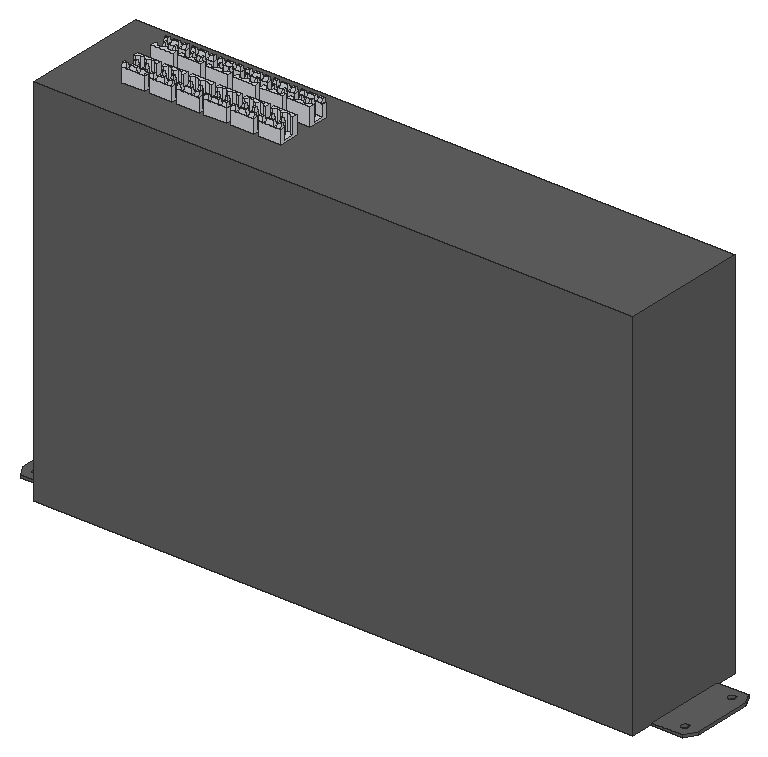
Revit family "БП220 исп3_RV17_LOD400 (05.11.23)", category Электрооборудование, Revit 2017 (continued)
Cuts and joins
  Extrusion 3, Extrusion 4, Extrusion 5, Extrusion 6, Extrusion 7, Extrusion 8, Extrusion 9, Extrusion 10, Extrusion 11, Extrusion 12, Extrusion 13, Extrusion 14, Extrusion 15, Extrusion 16, Extrusion 17, Extrusion 18, Extrusion 19, Extrusion 20, Extrusion 21, Extrusion 22, Extrusion 23, Extrusion 24, Extrusion 25, Extrusion 26, Extrusion 27, Extrusion 28, Extrusion 29, Extrusion 30, Extrusion 31, Extrusion 32, Extrusion 33, Extrusion 34, Extrusion 35, Extrusion 36, Extrusion 37, Extrusion 38, Extrusion 39, Extrusion 40, Extrusion 41, Extrusion 42, Extrusion 43, Extrusion 44 cuts Extrusion 1
  joined: Extrusion 45, Extrusion 46, Extrusion 47
  joined: Extrusion 93, Extrusion 94, Extrusion 95
  joined: Extrusion 101, Extrusion 102, Extrusion 103
  joined: Extrusion 109, Extrusion 110, Extrusion 111
  joined: Extrusion 117, Extrusion 118, Extrusion 119
  joined: Extrusion 61, Extrusion 62, Extrusion 63
  joined: Extrusion 53, Extrusion 54, Extrusion 55
  joined: Extrusion 69, Extrusion 70, Extrusion 71
  joined: Extrusion 125, Extrusion 126, Extrusion 127, Blend 129
  joined: Extrusion 77, Extrusion 78, Extrusion 79
  joined: Extrusion 133, Extrusion 134, Extrusion 135
  joined: Extrusion 85, Extrusion 86, Extrusion 87
Dimensions and locks
  locked: plane 4 to plane 1 "По центру (Вперед/Назад)" at 2000
  locked: plane 5 to plane 3 "По центру (Влево/Вправо)" at 2000
  "В_Смещение_УГО_X": plane 5 to plane 6
  "В_Смещение_УГО_Y": plane 4 to plane 7
  "ADSK_Размер_Длина": plane 9 to plane 8
  "ADSK_Размер_Высота": plane 12 to plane 13
  "ADSK_Размер_Глубина": plane 14 to level
  aligned and locked: level to plane 2
Automatic sketch dimensions
  Extrusion 1 sketch curve to plane 1 "По центру (Вперед/Назад)" = 27.6 mm
  Extrusion 1 sketch curve to plane 11 "1" = 0 mm
  Extrusion 1 sketch curve to plane 10 = 0 mm
  plane 1 "По центру (Вперед/Назад)" to Extrusion 1 sketch curve = 28.4 mm
  Extrusion 2 sketch curve to plane 11 "1" = 0 mm
  Extrusion 2 sketch curve to plane 10 = 0 mm
  Extrusion 2 sketch curve to plane 9 = 0 mm
  Extrusion 2 sketch curve to plane 8 = 0 mm
  Extrusion 2 sketch curve to plane 1 "По центру (Вперед/Назад)" = 17.6 mm  (x2)
  Extrusion 2 sketch curve to Extrusion 2 sketch curve = 5 mm  (x3)
  Extrusion 2 sketch curve to Extrusion 2 sketch curve = 5.057 mm  (x2)
  Extrusion 2 sketch curve to plane 8 = 6.055 mm  (x2)
  Extrusion 2 sketch curve to Extrusion 2 sketch curve = 25.885 mm  (x2)
  Extrusion 2 sketch curve to plane 9 = 6.055 mm
  Extrusion 2 sketch curve to Extrusion 2 sketch curve = 0.057 mm  (x2)
  Extrusion 2 sketch curve to Extrusion 2 sketch curve = 4.957 mm
  Extrusion 2 sketch curve to plane 8 = 2.887 mm  (x2)
  Extrusion 2 sketch curve to plane 9 = 2.829 mm
  Extrusion 2 sketch curve to plane 9 = 2.887 mm
  Extrusion 2 sketch curve to Extrusion 2 sketch curve = 3.168 mm
  level to Extrusion 3 sketch curve = 30 mm
  Extrusion 3 sketch curve to plane 11 "1" = 60 mm
  Extrusion 3 sketch curve to Extrusion 3 sketch curve = 0 mm
  Extrusion 3 sketch curve to Extrusion 3 sketch curve = 2.5 mm  (x2)
  Extrusion 3 sketch curve to Extrusion 3 sketch curve = 30 mm  (x2)
  Extrusion 3 sketch curve to Extrusion 3 sketch curve = 15 mm
  level to Extrusion 4 sketch curve = 30 mm
  Extrusion 4 sketch curve to plane 11 "1" = 65 mm
  Extrusion 4 sketch curve to Extrusion 4 sketch curve = 0 mm
  Extrusion 4 sketch curve to Extrusion 4 sketch curve = 2.5 mm  (x2)
  Extrusion 4 sketch curve to Extrusion 4 sketch curve = 30 mm  (x2)
  Extrusion 4 sketch curve to Extrusion 4 sketch curve = 15 mm
  level to Extrusion 5 sketch curve = 30 mm
  Extrusion 5 sketch curve to plane 3 "По центру (Влево/Вправо)" = 62.5 mm
  Extrusion 5 sketch curve to Extrusion 5 sketch curve = 0 mm
  Extrusion 5 sketch curve to Extrusion 5 sketch curve = 2.5 mm  (x2)
  Extrusion 5 sketch curve to Extrusion 5 sketch curve = 30 mm  (x2)
  Extrusion 5 sketch curve to Extrusion 5 sketch curve = 15 mm
  Extrusion 6 sketch curve to plane 3 "По центру (Влево/Вправо)" = 57.5 mm
  Extrusion 6 sketch curve to Extrusion 6 sketch curve = 0 mm
  Extrusion 6 sketch curve to Extrusion 6 sketch curve = 2.5 mm  (x2)
  level to Extrusion 6 sketch curve = 30 mm
  Extrusion 6 sketch curve to Extrusion 6 sketch curve = 30 mm  (x2)
  Extrusion 6 sketch curve to Extrusion 6 sketch curve = 15 mm
  Extrusion 7 sketch curve to plane 3 "По центру (Влево/Вправо)" = 52.5 mm
  Extrusion 7 sketch curve to Extrusion 7 sketch curve = 0 mm
  Extrusion 7 sketch curve to Extrusion 7 sketch curve = 2.5 mm  (x2)
  level to Extrusion 7 sketch curve = 30 mm
  Extrusion 7 sketch curve to Extrusion 7 sketch curve = 30 mm  (x2)
  Extrusion 7 sketch curve to Extrusion 7 sketch curve = 15 mm
  Extrusion 8 sketch curve to plane 3 "По центру (Влево/Вправо)" = 47.5 mm
  Extrusion 8 sketch curve to Extrusion 8 sketch curve = 0 mm
  Extrusion 8 sketch curve to Extrusion 8 sketch curve = 2.5 mm  (x2)
  level to Extrusion 8 sketch curve = 30 mm
  Extrusion 8 sketch curve to Extrusion 8 sketch curve = 30 mm  (x2)
  Extrusion 8 sketch curve to Extrusion 8 sketch curve = 15 mm
  Extrusion 9 sketch curve to plane 3 "По центру (Влево/Вправо)" = 42.5 mm  (x2)
  Extrusion 9 sketch curve to Extrusion 9 sketch curve = 2.5 mm  (x2)
  level to Extrusion 9 sketch curve = 30 mm
  Extrusion 9 sketch curve to Extrusion 9 sketch curve = 30 mm  (x2)
  Extrusion 9 sketch curve to Extrusion 9 sketch curve = 15 mm
  Extrusion 10 sketch curve to plane 3 "По центру (Влево/Вправо)" = 37.5 mm  (x2)
  Extrusion 10 sketch curve to Extrusion 10 sketch curve = 2.5 mm  (x2)
  level to Extrusion 10 sketch curve = 30 mm
  Extrusion 10 sketch curve to Extrusion 10 sketch curve = 30 mm  (x2)
  Extrusion 10 sketch curve to Extrusion 10 sketch curve = 15 mm
  Extrusion 11 sketch curve to plane 3 "По центру (Влево/Вправо)" = 32.5 mm  (x2)
  Extrusion 11 sketch curve to Extrusion 11 sketch curve = 2.5 mm  (x2)
  level to Extrusion 11 sketch curve = 30 mm
  Extrusion 11 sketch curve to Extrusion 11 sketch curve = 30 mm  (x2)
  Extrusion 11 sketch curve to Extrusion 11 sketch curve = 15 mm
  Extrusion 12 sketch curve to plane 3 "По центру (Влево/Вправо)" = 27.5 mm  (x2)
  Extrusion 12 sketch curve to Extrusion 12 sketch curve = 2.5 mm  (x2)
  level to Extrusion 12 sketch curve = 30 mm
  Extrusion 12 sketch curve to Extrusion 12 sketch curve = 30 mm  (x2)
  Extrusion 12 sketch curve to Extrusion 12 sketch curve = 15 mm
  Extrusion 13 sketch curve to plane 3 "По центру (Влево/Вправо)" = 22.5 mm  (x2)
  Extrusion 13 sketch curve to Extrusion 13 sketch curve = 2.5 mm  (x2)
  level to Extrusion 13 sketch curve = 30 mm
  Extrusion 13 sketch curve to Extrusion 13 sketch curve = 30 mm  (x2)
  Extrusion 13 sketch curve to Extrusion 13 sketch curve = 15 mm
  Extrusion 14 sketch curve to plane 3 "По центру (Влево/Вправо)" = 17.5 mm  (x2)
  Extrusion 14 sketch curve to Extrusion 14 sketch curve = 2.5 mm  (x2)
  level to Extrusion 14 sketch curve = 30 mm
  Extrusion 14 sketch curve to Extrusion 14 sketch curve = 30 mm  (x2)
  Extrusion 14 sketch curve to Extrusion 14 sketch curve = 15 mm
  Extrusion 15 sketch curve to plane 3 "По центру (Влево/Вправо)" = 12.5 mm  (x2)
  Extrusion 15 sketch curve to Extrusion 15 sketch curve = 2.5 mm  (x2)
  level to Extrusion 15 sketch curve = 30 mm
  Extrusion 15 sketch curve to Extrusion 15 sketch curve = 30 mm  (x2)
  Extrusion 15 sketch curve to Extrusion 15 sketch curve = 15 mm
  Extrusion 16 sketch curve to plane 3 "По центру (Влево/Вправо)" = 7.5 mm  (x2)
  Extrusion 16 sketch curve to Extrusion 16 sketch curve = 2.5 mm  (x2)
  level to Extrusion 16 sketch curve = 30 mm
  Extrusion 16 sketch curve to Extrusion 16 sketch curve = 30 mm  (x2)
  Extrusion 16 sketch curve to Extrusion 16 sketch curve = 15 mm
  Extrusion 17 sketch curve to plane 10 = 63.75 mm
  Extrusion 17 sketch curve to Extrusion 17 sketch curve = 2.5 mm
  level to Extrusion 17 sketch curve = 134.128 mm
  Extrusion 17 sketch curve to Extrusion 17 sketch curve = 66.127 mm
  Extrusion 18 sketch curve to plane 10 = 58.75 mm
  Extrusion 18 sketch curve to Extrusion 18 sketch curve = 2.5 mm
  level to Extrusion 18 sketch curve = 135.278 mm
  level to Extrusion 18 sketch curve = 66.733 mm
  Extrusion 19 sketch curve to plane 10 = 53.75 mm
  Extrusion 19 sketch curve to Extrusion 19 sketch curve = 2.5 mm
  level to Extrusion 19 sketch curve = 135.87 mm
  level to Extrusion 19 sketch curve = 65.997 mm
  plane 3 "По центру (Влево/Вправо)" to Extrusion 20 sketch curve = 63.75 mm
  Extrusion 20 sketch curve to Extrusion 20 sketch curve = 2.5 mm
  level to Extrusion 20 sketch curve = 131.746 mm
  Extrusion 20 sketch curve to Extrusion 20 sketch curve = 61.614 mm
  plane 3 "По центру (Влево/Вправо)" to Extrusion 21 sketch curve = 58.75 mm
  Extrusion 21 sketch curve to Extrusion 21 sketch curve = 2.5 mm
  level to Extrusion 21 sketch curve = 128.183 mm
  Extrusion 21 sketch curve to Extrusion 21 sketch curve = 54.514 mm
  plane 3 "По центру (Влево/Вправо)" to Extrusion 22 sketch curve = 53.75 mm
  Extrusion 22 sketch curve to Extrusion 22 sketch curve = 2.5 mm
  level to Extrusion 22 sketch curve = 123.669 mm
  Extrusion 22 sketch curve to Extrusion 22 sketch curve = 45.26 mm
  plane 3 "По центру (Влево/Вправо)" to Extrusion 23 sketch curve = 48.75 mm
  Extrusion 23 sketch curve to Extrusion 23 sketch curve = 2.5 mm
  level to Extrusion 23 sketch curve = 116.574 mm
  Extrusion 23 sketch curve to Extrusion 23 sketch curve = 31.162 mm
  Extrusion 24 sketch curve to plane 10 = 46.25 mm
  Extrusion 24 sketch curve to Extrusion 24 sketch curve = 2.5 mm
  level to Extrusion 24 sketch curve = 68.001 mm
  Extrusion 24 sketch curve to Extrusion 24 sketch curve = 66.127 mm
  Extrusion 25 sketch curve to plane 10 = 51.25 mm
  Extrusion 25 sketch curve to Extrusion 25 sketch curve = 2.5 mm
  level to Extrusion 25 sketch curve = 66.733 mm
  Extrusion 25 sketch curve to Extrusion 25 sketch curve = 68.545 mm
  Extrusion 26 sketch curve to plane 10 = 41.25 mm
  Extrusion 26 sketch curve to Extrusion 26 sketch curve = 2.5 mm
  level to Extrusion 26 sketch curve = 70.132 mm
  Extrusion 26 sketch curve to Extrusion 26 sketch curve = 61.614 mm
  Extrusion 27 sketch curve to plane 10 = 36.25 mm
  Extrusion 27 sketch curve to Extrusion 27 sketch curve = 2.5 mm
  level to Extrusion 27 sketch curve = 73.669 mm
  Extrusion 27 sketch curve to Extrusion 27 sketch curve = 54.514 mm
  Extrusion 28 sketch curve to plane 10 = 31.25 mm
  Extrusion 28 sketch curve to Extrusion 28 sketch curve = 2.5 mm
  level to Extrusion 28 sketch curve = 78.409 mm
  Extrusion 28 sketch curve to Extrusion 28 sketch curve = 45.26 mm
  Extrusion 29 sketch curve to plane 10 = 26.25 mm
  Extrusion 29 sketch curve to Extrusion 29 sketch curve = 2.5 mm
  level to Extrusion 29 sketch curve = 85.412 mm
  Extrusion 29 sketch curve to Extrusion 29 sketch curve = 31.162 mm
  plane 1 "По центру (Вперед/Назад)" to Extrusion 30 sketch curve = 15 mm
  level to Extrusion 30 sketch curve = 146 mm
  Extrusion 30 sketch curve to Extrusion 30 sketch curve = 2.5 mm
  Extrusion 30 sketch curve to plane 1 "По центру (Вперед/Назад)" = 15 mm
  plane 1 "По центру (Вперед/Назад)" to Extrusion 31 sketch curve = 15 mm
  level to Extrusion 31 sketch curve = 141 mm
  Extrusion 31 sketch curve to Extrusion 31 sketch curve = 2.5 mm
  Extrusion 31 sketch curve to plane 1 "По центру (Вперед/Назад)" = 15 mm
  plane 1 "По центру (Вперед/Назад)" to Extrusion 32 sketch curve = 15 mm
  level to Extrusion 32 sketch curve = 136 mm
  Extrusion 32 sketch curve to Extrusion 32 sketch curve = 2.5 mm
  Extrusion 32 sketch curve to plane 1 "По центру (Вперед/Назад)" = 15 mm
  plane 1 "По центру (Вперед/Назад)" to Extrusion 33 sketch curve = 15 mm
  level to Extrusion 33 sketch curve = 131 mm
  Extrusion 33 sketch curve to Extrusion 33 sketch curve = 2.5 mm
  Extrusion 33 sketch curve to plane 1 "По центру (Вперед/Назад)" = 15 mm
  plane 1 "По центру (Вперед/Назад)" to Extrusion 34 sketch curve = 15 mm
  level to Extrusion 34 sketch curve = 126 mm
  Extrusion 34 sketch curve to Extrusion 34 sketch curve = 2.5 mm
  Extrusion 34 sketch curve to plane 1 "По центру (Вперед/Назад)" = 15 mm
  plane 1 "По центру (Вперед/Назад)" to Extrusion 35 sketch curve = 15 mm
  level to Extrusion 35 sketch curve = 121 mm
  Extrusion 35 sketch curve to Extrusion 35 sketch curve = 2.5 mm
  Extrusion 35 sketch curve to plane 1 "По центру (Вперед/Назад)" = 15 mm
  plane 1 "По центру (Вперед/Назад)" to Extrusion 36 sketch curve = 15 mm
  level to Extrusion 36 sketch curve = 116 mm
  Extrusion 36 sketch curve to Extrusion 36 sketch curve = 2.5 mm
  Extrusion 36 sketch curve to plane 1 "По центру (Вперед/Назад)" = 15 mm
  plane 1 "По центру (Вперед/Назад)" to Extrusion 37 sketch curve = 15 mm
  level to Extrusion 37 sketch curve = 111 mm
  Extrusion 37 sketch curve to Extrusion 37 sketch curve = 2.5 mm
  Extrusion 37 sketch curve to plane 1 "По центру (Вперед/Назад)" = 15 mm
  plane 1 "По центру (Вперед/Назад)" to Extrusion 38 sketch curve = 15 mm
  level to Extrusion 38 sketch curve = 106 mm
  Extrusion 38 sketch curve to Extrusion 38 sketch curve = 2.5 mm
  Extrusion 38 sketch curve to plane 1 "По центру (Вперед/Назад)" = 15 mm
  plane 1 "По центру (Вперед/Назад)" to Extrusion 39 sketch curve = 15 mm
  level to Extrusion 39 sketch curve = 101 mm
  Extrusion 39 sketch curve to Extrusion 39 sketch curve = 2.5 mm
  Extrusion 39 sketch curve to plane 1 "По центру (Вперед/Назад)" = 15 mm
  plane 1 "По центру (Вперед/Назад)" to Extrusion 40 sketch curve = 15 mm
  level to Extrusion 40 sketch curve = 96 mm
  Extrusion 40 sketch curve to Extrusion 40 sketch curve = 2.5 mm
  Extrusion 40 sketch curve to plane 1 "По центру (Вперед/Назад)" = 15 mm
  plane 1 "По центру (Вперед/Назад)" to Extrusion 41 sketch curve = 15 mm
  level to Extrusion 41 sketch curve = 91 mm
  Extrusion 41 sketch curve to Extrusion 41 sketch curve = 2.5 mm
  Extrusion 41 sketch curve to plane 1 "По центру (Вперед/Назад)" = 15 mm
  plane 1 "По центру (Вперед/Назад)" to Extrusion 42 sketch curve = 15 mm
  level to Extrusion 42 sketch curve = 86 mm
  Extrusion 42 sketch curve to Extrusion 42 sketch curve = 2.5 mm
  Extrusion 42 sketch curve to plane 1 "По центру (Вперед/Назад)" = 15 mm
  level to Extrusion 43 sketch curve = 81 mm
  Extrusion 43 sketch curve to Extrusion 43 sketch curve = 2.5 mm
  Extrusion 43 sketch curve to plane 1 "По центру (Вперед/Назад)" = 15 mm
  Extrusion 43 sketch curve to Extrusion 43 sketch curve = 30 mm
  plane 1 "По центру (Вперед/Назад)" to Extrusion 44 sketch curve = 15 mm
  level to Extrusion 44 sketch curve = 151 mm
  Extrusion 44 sketch curve to Extrusion 44 sketch curve = 2.5 mm
  Extrusion 44 sketch curve to plane 1 "По центру (Вперед/Назад)" = 15 mm
  Extrusion 45 sketch curve to plane 11 "1" = 33.88 mm
  Extrusion 45 sketch curve to Extrusion 45 sketch curve = 0.875 mm  (x2)
  Extrusion 45 sketch curve to Extrusion 45 sketch curve = 0.964 mm  (x6)
  Extrusion 45 sketch curve to Extrusion 45 sketch curve = 1.76 mm  (x2)
  Extrusion 45 sketch curve to Extrusion 45 sketch curve = 1.839 mm
  Extrusion 45 sketch curve to plane 1 "По центру (Вперед/Назад)" = 8.398 mm
  Extrusion 45 sketch curve to Extrusion 45 sketch curve = 0 mm  (x2)
  Extrusion 45 sketch curve to Extrusion 45 sketch curve = 1.982 mm
  Extrusion 46 sketch curve to plane 1 "По центру (Вперед/Назад)" = 13.413 mm
  Extrusion 46 sketch curve to plane 11 "1" = 33.88 mm
  Extrusion 46 sketch curve to Extrusion 46 sketch curve = 2.174 mm  (x2)
  Extrusion 46 sketch curve to Extrusion 46 sketch curve = 1.208 mm  (x2)
  Extrusion 46 sketch curve to Extrusion 46 sketch curve = 3.236 mm
  Extrusion 46 sketch curve to Extrusion 46 sketch curve = 1.603 mm
  Extrusion 46 sketch curve to Extrusion 46 sketch curve = 1.772 mm  (x2)
  Extrusion 46 sketch curve to Extrusion 46 sketch curve = 1.371 mm  (x2)
  Extrusion 47 sketch curve to plane 1 "По центру (Вперед/Назад)" = 15.016 mm
  Extrusion 47 sketch curve to plane 11 "1" = 33.88 mm
  Extrusion 47 sketch curve to Extrusion 47 sketch curve = 10 mm
  Extrusion 47 sketch curve to Extrusion 47 sketch curve = 8.6 mm
  Blend 48 sketch curve to plane 11 "1" = 31.706 mm
  Blend 48 sketch curve to Blend 48 sketch curve = 1.208 mm
  Blend 48 sketch curve to plane 1 "По центру (Вперед/Назад)" = 11.641 mm
  Blend 48 sketch curve to Blend 48 sketch curve = 1.371 mm
  Blend 48 sketch curve to plane 11 "1" = 31.474 mm
  Blend 48 sketch curve to Blend 48 sketch curve = 0.786 mm
  Blend 48 sketch curve to plane 1 "По центру (Вперед/Назад)" = 11.356 mm
  Blend 48 sketch curve to Blend 48 sketch curve = 0.804 mm
  Blend 49 sketch curve to plane 11 "1" = 27.262 mm
  Blend 49 sketch curve to Blend 49 sketch curve = 1.208 mm
  Blend 49 sketch curve to plane 1 "По центру (Вперед/Назад)" = 11.641 mm
  Blend 49 sketch curve to Blend 49 sketch curve = 1.371 mm
  Blend 49 sketch curve to plane 11 "1" = 27.03 mm
  Blend 49 sketch curve to Blend 49 sketch curve = 0.786 mm
  Blend 49 sketch curve to plane 1 "По центру (Вперед/Назад)" = 11.356 mm
  Blend 49 sketch curve to Blend 49 sketch curve = 0.804 mm
  Blend 50 sketch curve to plane 1 "По центру (Вперед/Назад)" = 15.016 mm
  Blend 50 sketch curve to plane 11 "1" = 30.625 mm
  Blend 50 sketch curve to Blend 50 sketch curve = 3.581 mm
  Blend 50 sketch curve to Blend 50 sketch curve = 1.603 mm
  Blend 50 sketch curve to plane 1 "По центру (Вперед/Назад)" = 14.632 mm
  Blend 50 sketch curve to plane 11 "1" = 30.194 mm
  Blend 50 sketch curve to Blend 50 sketch curve = 2.818 mm
  Blend 50 sketch curve to Blend 50 sketch curve = 0.782 mm
  Blend 51 sketch curve to plane 1 "По центру (Вперед/Назад)" = 15.016 mm
  Blend 51 sketch curve to plane 11 "1" = 25.915 mm
  Blend 51 sketch curve to Blend 51 sketch curve = 2.035 mm
  Blend 51 sketch curve to Blend 51 sketch curve = 1.603 mm
  Blend 51 sketch curve to plane 11 "1" = 25.552 mm
  Blend 51 sketch curve to Blend 51 sketch curve = 1.672 mm
  Blend 51 sketch curve to plane 1 "По центру (Вперед/Назад)" = 14.638 mm
  Blend 51 sketch curve to Blend 51 sketch curve = 0.839 mm
  Blend 52 sketch curve to plane 1 "По центру (Вперед/Назад)" = 15.016 mm
  Blend 52 sketch curve to plane 11 "1" = 31.753 mm
  Blend 52 sketch curve to Blend 52 sketch curve = 2.035 mm
  Blend 52 sketch curve to Blend 52 sketch curve = 1.603 mm
  Blend 52 sketch curve to plane 1 "По центру (Вперед/Назад)" = 14.638 mm
  Blend 52 sketch curve to plane 11 "1" = 32.117 mm
  Blend 52 sketch curve to Blend 52 sketch curve = 1.672 mm
  Blend 52 sketch curve to Blend 52 sketch curve = 0.839 mm
  Extrusion 53 sketch curve to plane 1 "По центру (Вперед/Назад)" = 6.416 mm
  Extrusion 53 sketch curve to plane 11 "1" = 45.928 mm
  Extrusion 53 sketch curve to plane 1 "По центру (Вперед/Назад)" = 8.398 mm  (x2)
  Extrusion 53 sketch curve to Extrusion 53 sketch curve = 0.875 mm  (x2)
  Extrusion 53 sketch curve to Extrusion 53 sketch curve = 0.964 mm  (x6)
  Extrusion 53 sketch curve to Extrusion 53 sketch curve = 1.76 mm  (x2)
  Extrusion 53 sketch curve to Extrusion 53 sketch curve = 1.839 mm
  Extrusion 53 sketch curve to Extrusion 53 sketch curve = 1.982 mm
  Extrusion 54 sketch curve to plane 1 "По центру (Вперед/Назад)" = 13.413 mm
  Extrusion 54 sketch curve to plane 11 "1" = 45.928 mm
  Extrusion 54 sketch curve to Extrusion 54 sketch curve = 2.174 mm  (x2)
  Extrusion 54 sketch curve to Extrusion 54 sketch curve = 1.208 mm  (x2)
  Extrusion 54 sketch curve to Extrusion 54 sketch curve = 3.236 mm
  Extrusion 54 sketch curve to Extrusion 54 sketch curve = 1.603 mm
  Extrusion 54 sketch curve to Extrusion 54 sketch curve = 1.772 mm  (x2)
  Extrusion 54 sketch curve to Extrusion 54 sketch curve = 1.371 mm  (x2)
  Extrusion 55 sketch curve to plane 1 "По центру (Вперед/Назад)" = 15.016 mm
  Extrusion 55 sketch curve to plane 11 "1" = 45.928 mm
  Extrusion 55 sketch curve to Extrusion 55 sketch curve = 10 mm
  Extrusion 55 sketch curve to Extrusion 55 sketch curve = 8.6 mm
  Blend 56 sketch curve to plane 1 "По центру (Вперед/Назад)" = 11.641 mm
  Blend 56 sketch curve to plane 11 "1" = 43.755 mm
  Blend 56 sketch curve to Blend 56 sketch curve = 1.208 mm
  Blend 56 sketch curve to Blend 56 sketch curve = 1.371 mm
  Blend 56 sketch curve to plane 1 "По центру (Вперед/Назад)" = 11.356 mm
  Blend 56 sketch curve to plane 11 "1" = 43.523 mm
  Blend 56 sketch curve to Blend 56 sketch curve = 0.786 mm
  Blend 56 sketch curve to Blend 56 sketch curve = 0.804 mm
  Blend 57 sketch curve to plane 1 "По центру (Вперед/Назад)" = 11.641 mm
  Blend 57 sketch curve to plane 11 "1" = 39.311 mm
  Blend 57 sketch curve to Blend 57 sketch curve = 1.208 mm
  Blend 57 sketch curve to Blend 57 sketch curve = 1.371 mm
  Blend 57 sketch curve to plane 1 "По центру (Вперед/Назад)" = 11.356 mm
  Blend 57 sketch curve to plane 11 "1" = 39.079 mm
  Blend 57 sketch curve to Blend 57 sketch curve = 0.786 mm
  Blend 57 sketch curve to Blend 57 sketch curve = 0.804 mm
  Blend 58 sketch curve to plane 1 "По центру (Вперед/Назад)" = 15.016 mm
  Blend 58 sketch curve to plane 11 "1" = 42.674 mm
  Blend 58 sketch curve to Blend 58 sketch curve = 3.581 mm
  Blend 58 sketch curve to Blend 58 sketch curve = 1.603 mm
  Blend 58 sketch curve to plane 1 "По центру (Вперед/Назад)" = 14.632 mm
  Blend 58 sketch curve to plane 11 "1" = 42.242 mm
  Blend 58 sketch curve to Blend 58 sketch curve = 2.818 mm
  Blend 58 sketch curve to Blend 58 sketch curve = 0.782 mm
  Blend 59 sketch curve to plane 1 "По центру (Вперед/Назад)" = 15.016 mm
  Blend 59 sketch curve to plane 11 "1" = 37.964 mm
  Blend 59 sketch curve to Blend 59 sketch curve = 2.035 mm
  Blend 59 sketch curve to Blend 59 sketch curve = 1.603 mm
  Blend 59 sketch curve to plane 1 "По центру (Вперед/Назад)" = 14.638 mm
  Blend 59 sketch curve to plane 11 "1" = 37.6 mm
  Blend 59 sketch curve to Blend 59 sketch curve = 1.672 mm
  Blend 59 sketch curve to Blend 59 sketch curve = 0.839 mm
  Blend 60 sketch curve to plane 1 "По центру (Вперед/Назад)" = 15.016 mm
  Blend 60 sketch curve to plane 11 "1" = 43.802 mm
  Blend 60 sketch curve to Blend 60 sketch curve = 2.035 mm
  Blend 60 sketch curve to Blend 60 sketch curve = 1.603 mm
  Blend 60 sketch curve to plane 1 "По центру (Вперед/Назад)" = 14.638 mm
  Blend 60 sketch curve to plane 11 "1" = 44.165 mm
  Blend 60 sketch curve to Blend 60 sketch curve = 1.672 mm
  Blend 60 sketch curve to Blend 60 sketch curve = 0.839 mm
  Extrusion 61 sketch curve to plane 1 "По центру (Вперед/Назад)" = 6.416 mm
  Extrusion 61 sketch curve to plane 11 "1" = 57.977 mm
  Extrusion 61 sketch curve to plane 1 "По центру (Вперед/Назад)" = 8.398 mm  (x3)
  Extrusion 61 sketch curve to Extrusion 61 sketch curve = 0.875 mm  (x2)
  Extrusion 61 sketch curve to Extrusion 61 sketch curve = 0.964 mm  (x5)
  Extrusion 61 sketch curve to Extrusion 61 sketch curve = 1.76 mm  (x2)
  Extrusion 61 sketch curve to plane 1 "По центру (Вперед/Назад)" = 7.434 mm
  Extrusion 61 sketch curve to Extrusion 61 sketch curve = 1.839 mm
  Extrusion 62 sketch curve to plane 1 "По центру (Вперед/Назад)" = 13.413 mm
  Extrusion 62 sketch curve to plane 11 "1" = 57.977 mm
  Extrusion 62 sketch curve to Extrusion 62 sketch curve = 2.174 mm  (x2)
  Extrusion 62 sketch curve to Extrusion 62 sketch curve = 1.208 mm  (x2)
  Extrusion 62 sketch curve to Extrusion 62 sketch curve = 3.236 mm
  Extrusion 62 sketch curve to Extrusion 62 sketch curve = 1.603 mm
  Extrusion 62 sketch curve to Extrusion 62 sketch curve = 1.772 mm  (x2)
  Extrusion 62 sketch curve to Extrusion 62 sketch curve = 1.371 mm  (x2)
  Extrusion 63 sketch curve to plane 1 "По центру (Вперед/Назад)" = 15.016 mm
  Extrusion 63 sketch curve to plane 11 "1" = 57.977 mm
  Extrusion 63 sketch curve to Extrusion 63 sketch curve = 10 mm
  Extrusion 63 sketch curve to Extrusion 63 sketch curve = 8.6 mm
  Blend 64 sketch curve to plane 1 "По центру (Вперед/Назад)" = 11.641 mm
  Blend 64 sketch curve to plane 11 "1" = 55.803 mm
  Blend 64 sketch curve to Blend 64 sketch curve = 1.208 mm
  Blend 64 sketch curve to Blend 64 sketch curve = 1.371 mm
  Blend 64 sketch curve to plane 1 "По центру (Вперед/Назад)" = 11.356 mm
  Blend 64 sketch curve to plane 11 "1" = 55.571 mm
  Blend 64 sketch curve to Blend 64 sketch curve = 0.786 mm
  Blend 64 sketch curve to Blend 64 sketch curve = 0.804 mm
  Blend 65 sketch curve to plane 1 "По центру (Вперед/Назад)" = 11.641 mm
  Blend 65 sketch curve to plane 11 "1" = 51.359 mm
  Blend 65 sketch curve to Blend 65 sketch curve = 1.208 mm
  Blend 65 sketch curve to Blend 65 sketch curve = 1.371 mm
  Blend 65 sketch curve to plane 1 "По центру (Вперед/Назад)" = 11.356 mm
  Blend 65 sketch curve to plane 11 "1" = 51.127 mm
  Blend 65 sketch curve to Blend 65 sketch curve = 0.786 mm
  Blend 65 sketch curve to Blend 65 sketch curve = 0.804 mm
  Blend 66 sketch curve to plane 1 "По центру (Вперед/Назад)" = 15.016 mm
  Blend 66 sketch curve to plane 11 "1" = 54.722 mm
  Blend 66 sketch curve to Blend 66 sketch curve = 3.581 mm
  Blend 66 sketch curve to Blend 66 sketch curve = 1.603 mm
  Blend 66 sketch curve to plane 1 "По центру (Вперед/Назад)" = 14.632 mm
  Blend 66 sketch curve to plane 11 "1" = 54.291 mm
  Blend 66 sketch curve to Blend 66 sketch curve = 2.818 mm
  Blend 66 sketch curve to Blend 66 sketch curve = 0.782 mm
  Blend 67 sketch curve to plane 1 "По центру (Вперед/Назад)" = 15.016 mm
  Blend 67 sketch curve to plane 11 "1" = 50.012 mm
  Blend 67 sketch curve to Blend 67 sketch curve = 2.035 mm
  Blend 67 sketch curve to Blend 67 sketch curve = 1.603 mm
  Blend 67 sketch curve to plane 1 "По центру (Вперед/Назад)" = 14.638 mm
  Blend 67 sketch curve to plane 11 "1" = 49.649 mm
  Blend 67 sketch curve to Blend 67 sketch curve = 1.672 mm
  Blend 67 sketch curve to Blend 67 sketch curve = 0.839 mm
  Blend 68 sketch curve to plane 1 "По центру (Вперед/Назад)" = 15.016 mm
  Blend 68 sketch curve to plane 11 "1" = 55.851 mm
  Blend 68 sketch curve to Blend 68 sketch curve = 2.035 mm
  Blend 68 sketch curve to Blend 68 sketch curve = 1.603 mm
  Blend 68 sketch curve to plane 1 "По центру (Вперед/Назад)" = 14.638 mm
  Blend 68 sketch curve to plane 11 "1" = 56.214 mm
  Blend 68 sketch curve to Blend 68 sketch curve = 1.672 mm
  Blend 68 sketch curve to Blend 68 sketch curve = 0.839 mm
  Extrusion 69 sketch curve to plane 1 "По центру (Вперед/Назад)" = 6.416 mm
  Extrusion 69 sketch curve to plane 3 "По центру (Влево/Вправо)" = 62.474 mm
  Extrusion 69 sketch curve to plane 1 "По центру (Вперед/Назад)" = 8.398 mm  (x3)
  Extrusion 69 sketch curve to Extrusion 69 sketch curve = 0.875 mm  (x2)
  Extrusion 69 sketch curve to Extrusion 69 sketch curve = 0.964 mm  (x5)
  Extrusion 69 sketch curve to Extrusion 69 sketch curve = 1.76 mm  (x2)
  Extrusion 69 sketch curve to plane 1 "По центру (Вперед/Назад)" = 7.434 mm
  Extrusion 69 sketch curve to Extrusion 69 sketch curve = 1.839 mm
  Extrusion 70 sketch curve to plane 1 "По центру (Вперед/Назад)" = 13.413 mm
  Extrusion 70 sketch curve to plane 3 "По центру (Влево/Вправо)" = 62.474 mm
  Extrusion 70 sketch curve to Extrusion 70 sketch curve = 2.174 mm  (x2)
  Extrusion 70 sketch curve to Extrusion 70 sketch curve = 1.208 mm  (x2)
  Extrusion 70 sketch curve to Extrusion 70 sketch curve = 3.236 mm
  Extrusion 70 sketch curve to Extrusion 70 sketch curve = 1.603 mm
  Extrusion 70 sketch curve to Extrusion 70 sketch curve = 1.772 mm  (x2)
  Extrusion 70 sketch curve to Extrusion 70 sketch curve = 1.371 mm  (x2)
  Extrusion 71 sketch curve to plane 1 "По центру (Вперед/Назад)" = 15.016 mm
  Extrusion 71 sketch curve to plane 3 "По центру (Влево/Вправо)" = 62.474 mm
  Extrusion 71 sketch curve to Extrusion 71 sketch curve = 10 mm
  Extrusion 71 sketch curve to Extrusion 71 sketch curve = 8.6 mm
  Blend 72 sketch curve to plane 1 "По центру (Вперед/Назад)" = 11.641 mm
  Blend 72 sketch curve to plane 3 "По центру (Влево/Вправо)" = 64.648 mm
  Blend 72 sketch curve to Blend 72 sketch curve = 1.208 mm
  Blend 72 sketch curve to Blend 72 sketch curve = 1.371 mm
  Blend 72 sketch curve to plane 1 "По центру (Вперед/Назад)" = 11.356 mm
  Blend 72 sketch curve to plane 3 "По центру (Влево/Вправо)" = 64.88 mm
  Blend 72 sketch curve to Blend 72 sketch curve = 0.786 mm
  Blend 72 sketch curve to Blend 72 sketch curve = 0.804 mm
  Blend 73 sketch curve to plane 1 "По центру (Вперед/Назад)" = 11.641 mm
  Blend 73 sketch curve to plane 11 "1" = 63.408 mm
  Blend 73 sketch curve to Blend 73 sketch curve = 1.208 mm
  Blend 73 sketch curve to Blend 73 sketch curve = 1.371 mm
  Blend 73 sketch curve to plane 1 "По центру (Вперед/Назад)" = 11.356 mm
  Blend 73 sketch curve to plane 11 "1" = 63.176 mm
  Blend 73 sketch curve to Blend 73 sketch curve = 0.786 mm
  Blend 73 sketch curve to Blend 73 sketch curve = 0.804 mm
  Blend 74 sketch curve to plane 1 "По центру (Вперед/Назад)" = 15.016 mm
  Blend 74 sketch curve to plane 3 "По центру (Влево/Вправо)" = 65.729 mm
  Blend 74 sketch curve to Blend 74 sketch curve = 3.581 mm
  Blend 74 sketch curve to Blend 74 sketch curve = 1.603 mm
  Blend 74 sketch curve to plane 1 "По центру (Вперед/Назад)" = 14.632 mm
  Blend 74 sketch curve to plane 3 "По центру (Влево/Вправо)" = 66.16 mm
  Blend 74 sketch curve to Blend 74 sketch curve = 2.818 mm
  Blend 74 sketch curve to Blend 74 sketch curve = 0.782 mm
  Blend 75 sketch curve to plane 1 "По центру (Вперед/Назад)" = 15.016 mm
  Blend 75 sketch curve to plane 11 "1" = 62.061 mm
  Blend 75 sketch curve to Blend 75 sketch curve = 2.035 mm
  Blend 75 sketch curve to Blend 75 sketch curve = 1.603 mm
  Blend 75 sketch curve to plane 1 "По центру (Вперед/Назад)" = 14.638 mm
  Blend 75 sketch curve to plane 11 "1" = 61.698 mm
  Blend 75 sketch curve to Blend 75 sketch curve = 1.672 mm
  Blend 75 sketch curve to Blend 75 sketch curve = 0.839 mm
  Blend 76 sketch curve to plane 1 "По центру (Вперед/Назад)" = 15.016 mm
  Blend 76 sketch curve to plane 3 "По центру (Влево/Вправо)" = 64.601 mm
  Blend 76 sketch curve to Blend 76 sketch curve = 2.035 mm
  Blend 76 sketch curve to Blend 76 sketch curve = 1.603 mm
  Blend 76 sketch curve to plane 1 "По центру (Вперед/Назад)" = 14.638 mm
  Blend 76 sketch curve to plane 3 "По центру (Влево/Вправо)" = 64.237 mm
  Blend 76 sketch curve to Blend 76 sketch curve = 1.672 mm
  Blend 76 sketch curve to Blend 76 sketch curve = 0.839 mm
  Extrusion 77 sketch curve to plane 1 "По центру (Вперед/Назад)" = 6.416 mm
  Extrusion 77 sketch curve to plane 3 "По центру (Влево/Вправо)" = 50.426 mm
  Extrusion 77 sketch curve to plane 1 "По центру (Вперед/Назад)" = 8.398 mm  (x3)
  Extrusion 77 sketch curve to Extrusion 77 sketch curve = 0.875 mm  (x2)
  Extrusion 77 sketch curve to Extrusion 77 sketch curve = 0.964 mm  (x5)
  Extrusion 77 sketch curve to Extrusion 77 sketch curve = 1.76 mm  (x2)
  Extrusion 77 sketch curve to plane 1 "По центру (Вперед/Назад)" = 7.434 mm
  Extrusion 77 sketch curve to Extrusion 77 sketch curve = 1.839 mm
  Extrusion 78 sketch curve to plane 1 "По центру (Вперед/Назад)" = 13.413 mm
  Extrusion 78 sketch curve to plane 3 "По центру (Влево/Вправо)" = 50.426 mm
  Extrusion 78 sketch curve to Extrusion 78 sketch curve = 2.174 mm  (x2)
  Extrusion 78 sketch curve to Extrusion 78 sketch curve = 1.208 mm  (x2)
  Extrusion 78 sketch curve to Extrusion 78 sketch curve = 3.236 mm
  Extrusion 78 sketch curve to Extrusion 78 sketch curve = 1.603 mm
  Extrusion 78 sketch curve to Extrusion 78 sketch curve = 1.772 mm  (x2)
  Extrusion 78 sketch curve to Extrusion 78 sketch curve = 1.371 mm  (x2)
  Extrusion 79 sketch curve to plane 1 "По центру (Вперед/Назад)" = 15.016 mm
  Extrusion 79 sketch curve to plane 3 "По центру (Влево/Вправо)" = 50.426 mm
  Extrusion 79 sketch curve to Extrusion 79 sketch curve = 10 mm
  Extrusion 79 sketch curve to Extrusion 79 sketch curve = 8.6 mm
  Blend 80 sketch curve to plane 1 "По центру (Вперед/Назад)" = 11.641 mm
  Blend 80 sketch curve to plane 3 "По центру (Влево/Вправо)" = 52.599 mm
  Blend 80 sketch curve to Blend 80 sketch curve = 1.208 mm
  Blend 80 sketch curve to Blend 80 sketch curve = 1.371 mm
  Blend 80 sketch curve to plane 1 "По центру (Вперед/Назад)" = 11.356 mm
  Blend 80 sketch curve to plane 3 "По центру (Влево/Вправо)" = 52.831 mm
  Blend 80 sketch curve to Blend 80 sketch curve = 0.786 mm
  Blend 80 sketch curve to Blend 80 sketch curve = 0.804 mm
  Blend 81 sketch curve to plane 1 "По центру (Вперед/Назад)" = 11.641 mm
  Blend 81 sketch curve to plane 3 "По центру (Влево/Вправо)" = 57.043 mm
  Blend 81 sketch curve to Blend 81 sketch curve = 1.208 mm
  Blend 81 sketch curve to Blend 81 sketch curve = 1.371 mm
  Blend 81 sketch curve to plane 1 "По центру (Вперед/Назад)" = 11.356 mm
  Blend 81 sketch curve to plane 3 "По центру (Влево/Вправо)" = 57.275 mm
  Blend 81 sketch curve to Blend 81 sketch curve = 0.786 mm
  Blend 81 sketch curve to Blend 81 sketch curve = 0.804 mm
  Blend 82 sketch curve to plane 1 "По центру (Вперед/Назад)" = 15.016 mm
  Blend 82 sketch curve to plane 3 "По центру (Влево/Вправо)" = 53.68 mm
  Blend 82 sketch curve to Blend 82 sketch curve = 3.581 mm
  Blend 82 sketch curve to Blend 82 sketch curve = 1.603 mm
  Blend 82 sketch curve to plane 1 "По центру (Вперед/Назад)" = 14.632 mm
  Blend 82 sketch curve to plane 3 "По центру (Влево/Вправо)" = 54.112 mm
  Blend 82 sketch curve to Blend 82 sketch curve = 2.818 mm
  Blend 82 sketch curve to Blend 82 sketch curve = 0.782 mm
  Blend 83 sketch curve to plane 1 "По центру (Вперед/Назад)" = 15.016 mm
  Blend 83 sketch curve to plane 3 "По центру (Влево/Вправо)" = 58.39 mm
  Blend 83 sketch curve to Blend 83 sketch curve = 2.035 mm
  Blend 83 sketch curve to Blend 83 sketch curve = 1.603 mm
  Blend 83 sketch curve to plane 1 "По центру (Вперед/Назад)" = 14.638 mm
  Blend 83 sketch curve to plane 3 "По центру (Влево/Вправо)" = 58.754 mm
  Blend 83 sketch curve to Blend 83 sketch curve = 1.672 mm
  Blend 83 sketch curve to Blend 83 sketch curve = 0.839 mm
  Blend 84 sketch curve to plane 1 "По центру (Вперед/Назад)" = 15.016 mm
  Blend 84 sketch curve to plane 3 "По центру (Влево/Вправо)" = 52.552 mm
  Blend 84 sketch curve to Blend 84 sketch curve = 2.035 mm
  Blend 84 sketch curve to Blend 84 sketch curve = 1.603 mm
  Blend 84 sketch curve to plane 1 "По центру (Вперед/Назад)" = 14.638 mm
  Blend 84 sketch curve to plane 3 "По центру (Влево/Вправо)" = 52.189 mm
  Blend 84 sketch curve to Blend 84 sketch curve = 1.672 mm
  Blend 84 sketch curve to Blend 84 sketch curve = 0.839 mm
  Extrusion 85 sketch curve to plane 3 "По центру (Влево/Вправо)" = 38.377 mm
  Extrusion 85 sketch curve to plane 1 "По центру (Вперед/Назад)" = 8.398 mm  (x3)
  Extrusion 85 sketch curve to Extrusion 85 sketch curve = 0.875 mm  (x2)
  Extrusion 85 sketch curve to Extrusion 85 sketch curve = 0.964 mm  (x5)
  Extrusion 85 sketch curve to Extrusion 85 sketch curve = 1.76 mm  (x2)
  Extrusion 85 sketch curve to plane 1 "По центру (Вперед/Назад)" = 7.434 mm
  Extrusion 85 sketch curve to Extrusion 85 sketch curve = 1.839 mm
  Extrusion 85 sketch curve to Extrusion 85 sketch curve = 1.982 mm
  Extrusion 86 sketch curve to plane 1 "По центру (Вперед/Назад)" = 13.413 mm
  Extrusion 86 sketch curve to plane 3 "По центру (Влево/Вправо)" = 38.377 mm
  Extrusion 86 sketch curve to Extrusion 86 sketch curve = 2.174 mm  (x2)
  Extrusion 86 sketch curve to Extrusion 86 sketch curve = 1.208 mm  (x2)
  Extrusion 86 sketch curve to Extrusion 86 sketch curve = 3.236 mm
  Extrusion 86 sketch curve to Extrusion 86 sketch curve = 1.603 mm
  Extrusion 86 sketch curve to Extrusion 86 sketch curve = 1.772 mm  (x2)
  Extrusion 86 sketch curve to Extrusion 86 sketch curve = 1.371 mm  (x2)
  Extrusion 87 sketch curve to plane 1 "По центру (Вперед/Назад)" = 15.016 mm
  Extrusion 87 sketch curve to plane 3 "По центру (Влево/Вправо)" = 38.377 mm
  Extrusion 87 sketch curve to Extrusion 87 sketch curve = 10 mm
  Extrusion 87 sketch curve to Extrusion 87 sketch curve = 8.6 mm
  Blend 88 sketch curve to plane 1 "По центру (Вперед/Назад)" = 11.641 mm
  Blend 88 sketch curve to plane 3 "По центру (Влево/Вправо)" = 40.551 mm
  Blend 88 sketch curve to Blend 88 sketch curve = 1.208 mm
  Blend 88 sketch curve to Blend 88 sketch curve = 1.371 mm
  Blend 88 sketch curve to plane 1 "По центру (Вперед/Назад)" = 11.356 mm
  Blend 88 sketch curve to plane 3 "По центру (Влево/Вправо)" = 40.783 mm
  Blend 88 sketch curve to Blend 88 sketch curve = 0.786 mm
  Blend 88 sketch curve to Blend 88 sketch curve = 0.804 mm
  Blend 89 sketch curve to plane 1 "По центру (Вперед/Назад)" = 11.641 mm
  Blend 89 sketch curve to plane 3 "По центру (Влево/Вправо)" = 44.995 mm
  Blend 89 sketch curve to Blend 89 sketch curve = 1.208 mm
  Blend 89 sketch curve to Blend 89 sketch curve = 1.371 mm
  Blend 89 sketch curve to plane 1 "По центру (Вперед/Назад)" = 11.356 mm
  Blend 89 sketch curve to plane 3 "По центру (Влево/Вправо)" = 45.227 mm
  Blend 89 sketch curve to Blend 89 sketch curve = 0.786 mm
  Blend 89 sketch curve to Blend 89 sketch curve = 0.804 mm
  Blend 90 sketch curve to plane 1 "По центру (Вперед/Назад)" = 15.016 mm
  Blend 90 sketch curve to plane 3 "По центру (Влево/Вправо)" = 41.632 mm
  Blend 90 sketch curve to Blend 90 sketch curve = 3.581 mm
  Blend 90 sketch curve to Blend 90 sketch curve = 1.603 mm
  Blend 90 sketch curve to plane 1 "По центру (Вперед/Назад)" = 14.632 mm
  Blend 90 sketch curve to plane 3 "По центру (Влево/Вправо)" = 42.063 mm
  Blend 90 sketch curve to Blend 90 sketch curve = 2.818 mm
  Blend 90 sketch curve to Blend 90 sketch curve = 0.782 mm
  Blend 91 sketch curve to plane 1 "По центру (Вперед/Назад)" = 15.016 mm
  Blend 91 sketch curve to plane 3 "По центру (Влево/Вправо)" = 46.342 mm
  Blend 91 sketch curve to Blend 91 sketch curve = 2.035 mm
  Blend 91 sketch curve to Blend 91 sketch curve = 1.603 mm
  Blend 91 sketch curve to plane 1 "По центру (Вперед/Назад)" = 14.638 mm
  Blend 91 sketch curve to plane 3 "По центру (Влево/Вправо)" = 46.705 mm
  Blend 91 sketch curve to Blend 91 sketch curve = 1.672 mm
  Blend 91 sketch curve to Blend 91 sketch curve = 0.839 mm
  Blend 92 sketch curve to plane 1 "По центру (Вперед/Назад)" = 15.016 mm
  Blend 92 sketch curve to plane 3 "По центру (Влево/Вправо)" = 40.503 mm
  Blend 92 sketch curve to Blend 92 sketch curve = 2.035 mm
  Blend 92 sketch curve to Blend 92 sketch curve = 1.603 mm
  Blend 92 sketch curve to plane 1 "По центру (Вперед/Назад)" = 14.638 mm
  Blend 92 sketch curve to plane 3 "По центру (Влево/Вправо)" = 40.14 mm
  Blend 92 sketch curve to Blend 92 sketch curve = 1.672 mm
  Blend 92 sketch curve to Blend 92 sketch curve = 0.839 mm
  Extrusion 93 sketch curve to plane 11 "1" = 33.88 mm
  Extrusion 93 sketch curve to Extrusion 93 sketch curve = 0.875 mm  (x2)
  Extrusion 93 sketch curve to Extrusion 93 sketch curve = 0.964 mm  (x7)
  Extrusion 93 sketch curve to Extrusion 93 sketch curve = 1.76 mm  (x2)
  Extrusion 93 sketch curve to Extrusion 93 sketch curve = 1.839 mm
  plane 1 "По центру (Вперед/Назад)" to Extrusion 93 sketch curve = 0.869 mm
  Extrusion 93 sketch curve to Extrusion 93 sketch curve = 1.018 mm  (x2)
  Extrusion 94 sketch curve to plane 11 "1" = 33.88 mm
  Extrusion 94 sketch curve to Extrusion 94 sketch curve = 2.174 mm  (x2)
  Extrusion 94 sketch curve to Extrusion 94 sketch curve = 1.208 mm  (x2)
  Extrusion 94 sketch curve to Extrusion 94 sketch curve = 3.236 mm
  plane 1 "По центру (Вперед/Назад)" to Extrusion 94 sketch curve = 4.722 mm
  Extrusion 94 sketch curve to Extrusion 94 sketch curve = 0 mm
  Extrusion 94 sketch curve to Extrusion 94 sketch curve = 1.371 mm  (x2)
  Extrusion 94 sketch curve to Extrusion 94 sketch curve = 1.772 mm
  Extrusion 94 sketch curve to Extrusion 94 sketch curve = 1.603 mm
  Extrusion 95 sketch curve to plane 11 "1" = 33.88 mm
  Extrusion 95 sketch curve to Extrusion 95 sketch curve = 10 mm
  plane 1 "По центру (Вперед/Назад)" to Extrusion 95 sketch curve = 0.869 mm
  Extrusion 95 sketch curve to Extrusion 95 sketch curve = 8.6 mm
  Blend 96 sketch curve to plane 11 "1" = 31.706 mm
  Blend 96 sketch curve to Blend 96 sketch curve = 1.208 mm
  plane 1 "По центру (Вперед/Назад)" to Blend 96 sketch curve = 4.722 mm
  Blend 96 sketch curve to Blend 96 sketch curve = 1.371 mm
  Blend 96 sketch curve to plane 11 "1" = 31.474 mm
  Blend 96 sketch curve to Blend 96 sketch curve = 0.786 mm
  plane 1 "По центру (Вперед/Назад)" to Blend 96 sketch curve = 5.005 mm
  Blend 96 sketch curve to Blend 96 sketch curve = 0.804 mm
  Blend 97 sketch curve to plane 11 "1" = 27.262 mm
  Blend 97 sketch curve to Blend 97 sketch curve = 1.208 mm
  plane 1 "По центру (Вперед/Назад)" to Blend 97 sketch curve = 4.722 mm
  Blend 97 sketch curve to Blend 97 sketch curve = 1.371 mm
  Blend 97 sketch curve to plane 11 "1" = 27.03 mm
  Blend 97 sketch curve to Blend 97 sketch curve = 0.786 mm
  plane 1 "По центру (Вперед/Назад)" to Blend 97 sketch curve = 5.005 mm
  Blend 97 sketch curve to Blend 97 sketch curve = 0.804 mm
  Blend 98 sketch curve to plane 11 "1" = 30.625 mm
  Blend 98 sketch curve to Blend 98 sketch curve = 3.581 mm
  plane 1 "По центру (Вперед/Назад)" to Blend 98 sketch curve = 7.865 mm
  Blend 98 sketch curve to Blend 98 sketch curve = 1.603 mm
  Blend 98 sketch curve to plane 11 "1" = 30.194 mm
  Blend 98 sketch curve to Blend 98 sketch curve = 2.818 mm
  plane 1 "По центру (Вперед/Назад)" to Blend 98 sketch curve = 8.302 mm
  Blend 98 sketch curve to Blend 98 sketch curve = 0.782 mm
  Blend 99 sketch curve to plane 11 "1" = 25.915 mm
  Blend 99 sketch curve to Blend 99 sketch curve = 2.035 mm
  plane 1 "По центру (Вперед/Назад)" to Blend 99 sketch curve = 7.865 mm
  Blend 99 sketch curve to Blend 99 sketch curve = 1.603 mm
  Blend 99 sketch curve to plane 11 "1" = 25.552 mm
  Blend 99 sketch curve to Blend 99 sketch curve = 1.672 mm
  plane 1 "По центру (Вперед/Назад)" to Blend 99 sketch curve = 8.252 mm
  Blend 99 sketch curve to Blend 99 sketch curve = 0.839 mm
  Blend 100 sketch curve to plane 11 "1" = 31.753 mm
  Blend 100 sketch curve to Blend 100 sketch curve = 2.035 mm
  plane 1 "По центру (Вперед/Назад)" to Blend 100 sketch curve = 9.469 mm
  Blend 100 sketch curve to Blend 100 sketch curve = 1.603 mm
  Blend 100 sketch curve to plane 11 "1" = 32.117 mm
  Blend 100 sketch curve to Blend 100 sketch curve = 1.672 mm
  plane 1 "По центру (Вперед/Назад)" to Blend 100 sketch curve = 9.091 mm
  Blend 100 sketch curve to Blend 100 sketch curve = 0.839 mm
  Extrusion 101 sketch curve to plane 11 "1" = 45.928 mm
  Extrusion 101 sketch curve to Extrusion 101 sketch curve = 0.875 mm  (x2)
  Extrusion 101 sketch curve to Extrusion 101 sketch curve = 0.964 mm  (x7)
  Extrusion 101 sketch curve to Extrusion 101 sketch curve = 1.76 mm  (x2)
  Extrusion 101 sketch curve to Extrusion 101 sketch curve = 1.839 mm
  plane 1 "По центру (Вперед/Назад)" to Extrusion 101 sketch curve = 0.869 mm
  Extrusion 101 sketch curve to Extrusion 101 sketch curve = 1.018 mm  (x2)
  Extrusion 102 sketch curve to plane 11 "1" = 45.928 mm
  Extrusion 102 sketch curve to Extrusion 102 sketch curve = 2.174 mm  (x2)
  Extrusion 102 sketch curve to Extrusion 102 sketch curve = 1.208 mm  (x2)
  Extrusion 102 sketch curve to Extrusion 102 sketch curve = 3.236 mm
  plane 1 "По центру (Вперед/Назад)" to Extrusion 102 sketch curve = 4.722 mm
  Extrusion 102 sketch curve to Extrusion 102 sketch curve = 0 mm
  Extrusion 102 sketch curve to Extrusion 102 sketch curve = 1.371 mm  (x2)
  Extrusion 102 sketch curve to Extrusion 102 sketch curve = 1.772 mm
  Extrusion 102 sketch curve to Extrusion 102 sketch curve = 1.603 mm
  Extrusion 103 sketch curve to plane 11 "1" = 45.928 mm
  Extrusion 103 sketch curve to Extrusion 103 sketch curve = 10 mm
  plane 1 "По центру (Вперед/Назад)" to Extrusion 103 sketch curve = 0.869 mm
  Extrusion 103 sketch curve to Extrusion 103 sketch curve = 8.6 mm
  Blend 104 sketch curve to plane 11 "1" = 43.755 mm
  Blend 104 sketch curve to Blend 104 sketch curve = 1.208 mm
  plane 1 "По центру (Вперед/Назад)" to Blend 104 sketch curve = 4.722 mm
  Blend 104 sketch curve to Blend 104 sketch curve = 1.371 mm
  Blend 104 sketch curve to plane 11 "1" = 43.523 mm
  Blend 104 sketch curve to Blend 104 sketch curve = 0.786 mm
  plane 1 "По центру (Вперед/Назад)" to Blend 104 sketch curve = 5.005 mm
  Blend 104 sketch curve to Blend 104 sketch curve = 0.804 mm
  Blend 105 sketch curve to plane 11 "1" = 39.311 mm
  Blend 105 sketch curve to Blend 105 sketch curve = 1.208 mm
  plane 1 "По центру (Вперед/Назад)" to Blend 105 sketch curve = 4.722 mm
  Blend 105 sketch curve to Blend 105 sketch curve = 1.371 mm
  Blend 105 sketch curve to plane 11 "1" = 39.079 mm
  Blend 105 sketch curve to Blend 105 sketch curve = 0.786 mm
  plane 1 "По центру (Вперед/Назад)" to Blend 105 sketch curve = 5.005 mm
  Blend 105 sketch curve to Blend 105 sketch curve = 0.804 mm
  Blend 106 sketch curve to plane 11 "1" = 42.674 mm
  Blend 106 sketch curve to Blend 106 sketch curve = 3.581 mm
  plane 1 "По центру (Вперед/Назад)" to Blend 106 sketch curve = 7.865 mm
  Blend 106 sketch curve to Blend 106 sketch curve = 1.603 mm
  Blend 106 sketch curve to plane 11 "1" = 42.242 mm
  Blend 106 sketch curve to Blend 106 sketch curve = 2.818 mm
  plane 1 "По центру (Вперед/Назад)" to Blend 106 sketch curve = 8.302 mm
  Blend 106 sketch curve to Blend 106 sketch curve = 0.782 mm
  Blend 107 sketch curve to plane 11 "1" = 37.964 mm
  Blend 107 sketch curve to Blend 107 sketch curve = 2.035 mm
  plane 1 "По центру (Вперед/Назад)" to Blend 107 sketch curve = 7.865 mm
  Blend 107 sketch curve to Blend 107 sketch curve = 1.603 mm
  Blend 107 sketch curve to plane 11 "1" = 37.6 mm
  Blend 107 sketch curve to Blend 107 sketch curve = 1.672 mm
  plane 1 "По центру (Вперед/Назад)" to Blend 107 sketch curve = 8.252 mm
  Blend 107 sketch curve to Blend 107 sketch curve = 0.839 mm
  Blend 108 sketch curve to plane 11 "1" = 43.802 mm
  Blend 108 sketch curve to Blend 108 sketch curve = 2.035 mm
  plane 1 "По центру (Вперед/Назад)" to Blend 108 sketch curve = 9.469 mm
  Blend 108 sketch curve to Blend 108 sketch curve = 1.603 mm
  Blend 108 sketch curve to plane 11 "1" = 44.165 mm
  Blend 108 sketch curve to Blend 108 sketch curve = 1.672 mm
  plane 1 "По центру (Вперед/Назад)" to Blend 108 sketch curve = 9.091 mm
  Blend 108 sketch curve to Blend 108 sketch curve = 0.839 mm
  plane 1 "По центру (Вперед/Назад)" to Extrusion 109 sketch curve = 0.869 mm
  Extrusion 109 sketch curve to plane 11 "1" = 57.977 mm
  Extrusion 109 sketch curve to Extrusion 109 sketch curve = 0.875 mm  (x2)
  Extrusion 109 sketch curve to Extrusion 109 sketch curve = 0.964 mm  (x7)
  Extrusion 109 sketch curve to Extrusion 109 sketch curve = 1.76 mm  (x2)
  Extrusion 109 sketch curve to Extrusion 109 sketch curve = 1.839 mm
  Extrusion 109 sketch curve to Extrusion 109 sketch curve = 1.018 mm  (x2)
  Extrusion 110 sketch curve to plane 11 "1" = 57.977 mm
  Extrusion 110 sketch curve to Extrusion 110 sketch curve = 2.174 mm  (x2)
  Extrusion 110 sketch curve to Extrusion 110 sketch curve = 1.208 mm  (x2)
  Extrusion 110 sketch curve to Extrusion 110 sketch curve = 3.236 mm
  plane 1 "По центру (Вперед/Назад)" to Extrusion 110 sketch curve = 4.722 mm
  Extrusion 110 sketch curve to Extrusion 110 sketch curve = 0 mm
  Extrusion 110 sketch curve to Extrusion 110 sketch curve = 1.371 mm  (x2)
  Extrusion 110 sketch curve to Extrusion 110 sketch curve = 1.772 mm
  Extrusion 110 sketch curve to Extrusion 110 sketch curve = 1.603 mm
  Extrusion 111 sketch curve to plane 11 "1" = 57.977 mm
  Extrusion 111 sketch curve to Extrusion 111 sketch curve = 10 mm
  plane 1 "По центру (Вперед/Назад)" to Extrusion 111 sketch curve = 0.869 mm
  Extrusion 111 sketch curve to Extrusion 111 sketch curve = 8.6 mm
  Blend 112 sketch curve to plane 11 "1" = 55.803 mm
  Blend 112 sketch curve to Blend 112 sketch curve = 1.208 mm
  plane 1 "По центру (Вперед/Назад)" to Blend 112 sketch curve = 4.722 mm
  Blend 112 sketch curve to Blend 112 sketch curve = 1.371 mm
  Blend 112 sketch curve to plane 11 "1" = 55.571 mm
  Blend 112 sketch curve to Blend 112 sketch curve = 0.786 mm
  plane 1 "По центру (Вперед/Назад)" to Blend 112 sketch curve = 5.005 mm
  Blend 112 sketch curve to Blend 112 sketch curve = 0.804 mm
  Blend 113 sketch curve to plane 11 "1" = 51.359 mm
  Blend 113 sketch curve to Blend 113 sketch curve = 1.208 mm
  plane 1 "По центру (Вперед/Назад)" to Blend 113 sketch curve = 4.722 mm
  Blend 113 sketch curve to Blend 113 sketch curve = 1.371 mm
  Blend 113 sketch curve to plane 11 "1" = 51.127 mm
  Blend 113 sketch curve to Blend 113 sketch curve = 0.786 mm
  plane 1 "По центру (Вперед/Назад)" to Blend 113 sketch curve = 5.005 mm
  Blend 113 sketch curve to Blend 113 sketch curve = 0.804 mm
  Blend 114 sketch curve to plane 11 "1" = 54.722 mm
  Blend 114 sketch curve to Blend 114 sketch curve = 3.581 mm
  plane 1 "По центру (Вперед/Назад)" to Blend 114 sketch curve = 7.865 mm
  Blend 114 sketch curve to Blend 114 sketch curve = 1.603 mm
  Blend 114 sketch curve to plane 11 "1" = 54.291 mm
  Blend 114 sketch curve to Blend 114 sketch curve = 2.818 mm
  plane 1 "По центру (Вперед/Назад)" to Blend 114 sketch curve = 8.302 mm
  Blend 114 sketch curve to Blend 114 sketch curve = 0.782 mm
  Blend 115 sketch curve to plane 11 "1" = 50.012 mm
  Blend 115 sketch curve to Blend 115 sketch curve = 2.035 mm
  plane 1 "По центру (Вперед/Назад)" to Blend 115 sketch curve = 7.865 mm
  Blend 115 sketch curve to Blend 115 sketch curve = 1.603 mm
  Blend 115 sketch curve to plane 11 "1" = 49.649 mm
  Blend 115 sketch curve to Blend 115 sketch curve = 1.672 mm
  plane 1 "По центру (Вперед/Назад)" to Blend 115 sketch curve = 8.252 mm
  Blend 115 sketch curve to Blend 115 sketch curve = 0.839 mm
  Blend 116 sketch curve to plane 11 "1" = 55.851 mm
  Blend 116 sketch curve to Blend 116 sketch curve = 2.035 mm
  plane 1 "По центру (Вперед/Назад)" to Blend 116 sketch curve = 9.469 mm
  Blend 116 sketch curve to Blend 116 sketch curve = 1.603 mm
  Blend 116 sketch curve to plane 11 "1" = 56.214 mm
  Blend 116 sketch curve to Blend 116 sketch curve = 1.672 mm
  plane 1 "По центру (Вперед/Назад)" to Blend 116 sketch curve = 9.091 mm
  Blend 116 sketch curve to Blend 116 sketch curve = 0.839 mm
  plane 1 "По центру (Вперед/Назад)" to Extrusion 117 sketch curve = 0.869 mm
  Extrusion 117 sketch curve to plane 3 "По центру (Влево/Вправо)" = 62.474 mm
  plane 1 "По центру (Вперед/Назад)" to Extrusion 117 sketch curve = 2.851 mm  (x2)
  Extrusion 117 sketch curve to Extrusion 117 sketch curve = 0.875 mm  (x2)
  Extrusion 117 sketch curve to Extrusion 117 sketch curve = 0.964 mm  (x6)
  Extrusion 117 sketch curve to Extrusion 117 sketch curve = 1.76 mm  (x2)
  plane 1 "По центру (Вперед/Назад)" to Extrusion 117 sketch curve = 1.887 mm
  Extrusion 117 sketch curve to Extrusion 117 sketch curve = 1.839 mm
  Extrusion 118 sketch curve to plane 3 "По центру (Влево/Вправо)" = 62.474 mm
  Extrusion 118 sketch curve to Extrusion 118 sketch curve = 2.174 mm  (x2)
  Extrusion 118 sketch curve to Extrusion 118 sketch curve = 1.208 mm  (x2)
  Extrusion 118 sketch curve to Extrusion 118 sketch curve = 3.236 mm
  plane 1 "По центру (Вперед/Назад)" to Extrusion 118 sketch curve = 4.722 mm
  Extrusion 118 sketch curve to Extrusion 118 sketch curve = 0 mm
  Extrusion 118 sketch curve to Extrusion 118 sketch curve = 1.371 mm  (x2)
  Extrusion 118 sketch curve to Extrusion 118 sketch curve = 1.772 mm
  Extrusion 118 sketch curve to Extrusion 118 sketch curve = 1.603 mm
  Extrusion 119 sketch curve to plane 3 "По центру (Влево/Вправо)" = 62.474 mm
  Extrusion 119 sketch curve to Extrusion 119 sketch curve = 10 mm
  plane 1 "По центру (Вперед/Назад)" to Extrusion 119 sketch curve = 0.869 mm
  Extrusion 119 sketch curve to Extrusion 119 sketch curve = 8.6 mm
  Blend 120 sketch curve to plane 3 "По центру (Влево/Вправо)" = 64.648 mm
  Blend 120 sketch curve to Blend 120 sketch curve = 1.208 mm
  plane 1 "По центру (Вперед/Назад)" to Blend 120 sketch curve = 4.722 mm
  Blend 120 sketch curve to Blend 120 sketch curve = 1.371 mm
  Blend 120 sketch curve to plane 3 "По центру (Влево/Вправо)" = 64.88 mm
  Blend 120 sketch curve to Blend 120 sketch curve = 0.786 mm
  plane 1 "По центру (Вперед/Назад)" to Blend 120 sketch curve = 5.005 mm
  Blend 120 sketch curve to Blend 120 sketch curve = 0.804 mm
  Blend 121 sketch curve to plane 11 "1" = 63.408 mm
  Blend 121 sketch curve to Blend 121 sketch curve = 1.208 mm
  plane 1 "По центру (Вперед/Назад)" to Blend 121 sketch curve = 4.722 mm
  Blend 121 sketch curve to Blend 121 sketch curve = 1.371 mm
  Blend 121 sketch curve to plane 11 "1" = 63.176 mm
  Blend 121 sketch curve to Blend 121 sketch curve = 0.786 mm
  plane 1 "По центру (Вперед/Назад)" to Blend 121 sketch curve = 5.005 mm
  Blend 121 sketch curve to Blend 121 sketch curve = 0.804 mm
  Blend 122 sketch curve to plane 3 "По центру (Влево/Вправо)" = 65.729 mm
  Blend 122 sketch curve to Blend 122 sketch curve = 3.581 mm
  plane 1 "По центру (Вперед/Назад)" to Blend 122 sketch curve = 7.865 mm
  Blend 122 sketch curve to Blend 122 sketch curve = 1.603 mm
  Blend 122 sketch curve to plane 3 "По центру (Влево/Вправо)" = 66.16 mm
  Blend 122 sketch curve to Blend 122 sketch curve = 2.818 mm
  plane 1 "По центру (Вперед/Назад)" to Blend 122 sketch curve = 8.302 mm
  Blend 122 sketch curve to Blend 122 sketch curve = 0.782 mm
  Blend 123 sketch curve to plane 11 "1" = 62.061 mm
  Blend 123 sketch curve to Blend 123 sketch curve = 2.035 mm
  plane 1 "По центру (Вперед/Назад)" to Blend 123 sketch curve = 7.865 mm
  Blend 123 sketch curve to Blend 123 sketch curve = 1.603 mm
  Blend 123 sketch curve to plane 11 "1" = 61.698 mm
  Blend 123 sketch curve to Blend 123 sketch curve = 1.672 mm
  plane 1 "По центру (Вперед/Назад)" to Blend 123 sketch curve = 8.252 mm
  Blend 123 sketch curve to Blend 123 sketch curve = 0.839 mm
  Blend 124 sketch curve to plane 3 "По центру (Влево/Вправо)" = 64.601 mm
  Blend 124 sketch curve to Blend 124 sketch curve = 2.035 mm
